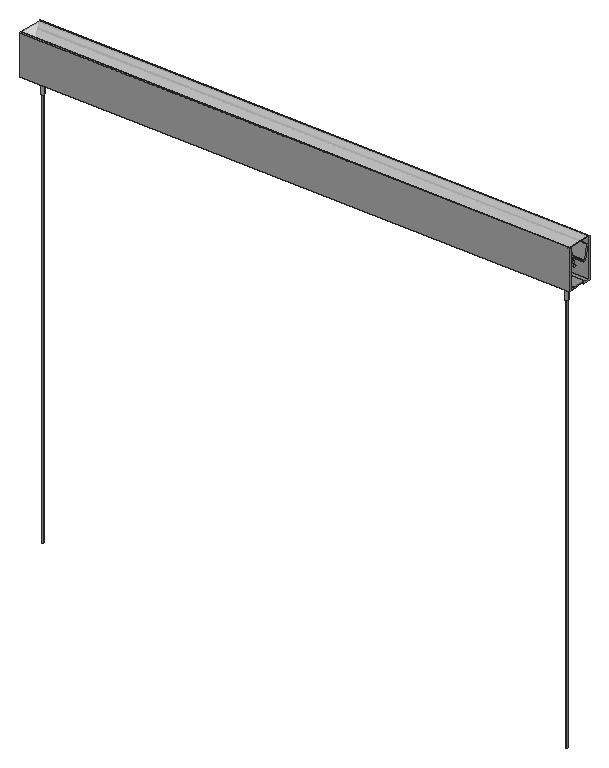
Revit family "2093089 Sylvania Lighting Fixture MC2 D I 1-2M 3K DALI WHT OPAL", category Lighting Fixtures, host Face, Revit 2016
Family settings
  Host = Face
  Part Type = Normal
  Round Connector Dimension = Use Diameter
  OmniClass Number = 23.80.70.11.17
  OmniClass Title = Specialized Lighting by Location or Use
  Cut with Voids When Loaded = No
  Light Source = Yes
  Shared = No
  Room Calculation Point = No
Parameters (values of type "2093089 MC2 D/I 1.2M 3K DALI WHT OPAL")
  Width_SYL = 54.0 mm
  Weight = "3.1 kg"
  Wattage = 32 W
  WarrantyStartDate [instance] = "n/a"
  WarrantyGuarantorParts = "n/a"
  WarrantyDurationUnit = "n/a"
  WarrantyDurationParts = "n/a"
  WarrantyDescription = "n/a"
  built-in parameter 1150110 = 1 (stored number, unit not read)
  Voltage = 0 V
  URL = "http://www.sylvania-lighting.com"
  TypeName = "MC2 D/I 1.2M 3K DALI WHT OPAL"
  built-in parameter 1114217 = 1 (stored number, unit not read)
  Tilt Angle = -90.00°
  built-in parameter 1150109 = 1 (stored number, unit not read)
  built-in parameter 1150134 = (empty or 0)
  built-in parameter 1150113 = 1 (stored number, unit not read)
  SerialNumber [instance] = "n/a"
  PowerFactor = 0.95
  PowerConsumption = "32 W"
  NominalWidth = 0.0 mm
  NominalLength = 1200.0 mm
  NominalHeight = 86.0 mm
  Name = "MC2 D/I 1.2M 3K DALI WHT OPAL"
  ModelReference = "MC2 D/I 1.2M 3K DALI WHT OPAL"
  ModelNumber = "2093089"
  Material_3_SYL = Metal_Sylvania_Mini Contiuum II_Silver
  Photometric Web File = "2093089.ies"
  Material_4_SYL = Metal_Sylvania_Mini Contiuum II_Silver
  MountingHeight_SYL [instance] = 1000.0 mm
  Material = "aluminium housing, polycarbonate diffuser"
  ManufacturerName = "Feilo Sylvania"
  LuminousEfficacy = "120 lm/W"
  LuminaireType = ""
  LightOutputRatio = "100"
  Length_SYL = 1200.0 mm
  LampsType = Lamp  # "LED"
  LampNominalLuminous = "3833 lm"
  LampMacAdamStep = "3"
  LampColourTemperature = "3000 K"
  LampColourRenderingIndex = "80"
  Keynote = "16500"
  InstallationDate [instance] = "n/a"
  InputVoltage = "n/a"
  InputNominalFrequency = "n/a"
  IngressProtection = "IP20"
  ImpactProtectionIndex = "n/a"
  IfcExportType = "IfcLightFixtureType"
  IfcExportAs = "IfcLightFixtureType"
  Height_SYL = 86.0 mm
  ExpectedLife = 50000
  EndCapRight_SYL [instance] = no
  EndCapLeft_SYL [instance] = no
  Emit from Rectangle Width = Width_SYL - 2.0 mm  # 52.0 mm
  Emit from Rectangle Length = Length_SYL  # 1200.0 mm
  Emit Shape Visible in Rendering = no
  ElectricShockClassification = "Class I"
  DurationUnit = "hours"
  DocumentationLiterature = "http://www.sylvania-lighting.com/product/en-int/products/2093089"
  DimmingControlOptions = "n/a"
  CreatedOn = "10/15/2018"
  CreatedBy = "@sylvania-lighting.com"
  built-in parameter 1114216 [instance] = 1 (stored number, unit not read)
  Model = "MC2 D/I 1.2M 3K DALI WHT OPAL"
  Manufacturer = "Feilo Sylvania"
  built-in parameter 1150105 = 305.58 (stored number, unit not read)
  Lumens = 3840 lm
  built-in parameter 1150115 = 1 (stored number, unit not read)
  built-in parameter 1150137 = (empty or 0)
  built-in parameter 1150139 = (empty or 0)
  built-in parameter 1150112 = 1 (stored number, unit not read)
  built-in parameter 1150114 = 1 (stored number, unit not read)
  Lamp = "LED"
  built-in parameter 1150132 = 2
  built-in parameter 1150102 = (empty or 0)
  built-in parameter 1150107 = 3000 (stored number, unit not read)
  built-in parameter 1150138 = (empty or 0)
  built-in parameter 1150106 = 3.0558 (stored number, unit not read)
  Material_1_SYL = Metal_Sylvania_Mini Continuum II_White
  built-in parameter 1150104 = 11.148 (stored number, unit not read)
  Dimming Lamp Color Temperature Shift = <None>
  Material_2_SYL = Polycarbonate_Sylvania_Mini Continuum II_Opal_4000K
  Description = "2093089   MC2 D/I 1.2M 3K DALI WHT OPAL  Continuous lines of LED light, white RAL 9016, direct/indirect distribution (65/35), various accessories available, compact and minimalist design based on the Golden Mean, ideal for offices, meeting rooms, corridors, education facilities, museums and libraries, extruded aluminium body, diffuser: opal, colour temperature: 3000K warm white, total system power: 32W, total fixture output: 3833lm, luminaire efficacy: 120lm/W, LOR: 100%, colour rendering: Ra >80, LED Chromacity: 1 step MacAdam ellipse, lifetime: 60,000 hours at 90% of the original output (L90), energy class: A++, A+, A, IR/UV free light source without heat radiation, operating voltage: 220-240V / 50-60Hz, drive current: (Direct) 800mA + (Indirect) 350mA, electronic driver, DALI dimmable, direct/indirect independently addressable, electrical protection: CLASS I, IP20, suitable for internal environment only."
  Default Elevation = 0.0 mm
  Color Filter = 16777215
  built-in parameter 1140040 [instance] = 1
  BarCode [instance] = "n/a"
  built-in parameter 1114218 = 1 (stored number, unit not read)
  built-in parameter 1150133 = 10 (stored number, unit not read)
  AssetType = "Fixed"
  AssetIdentifier [instance] = "n/a"
  Assembly Code = "D5020200"
  Apparent Load = 32 VA
Reference planes
  plane 1 "Center (Front/Back)": y = 0
  plane 2 "Bottom Fixtures": z = 0
  plane 3 "Center (Left/Right)": x = 0
  plane 4 "Fixture Left": x = -600
  plane 5 "Fixture Right": x = 600
  plane 6 "Fixture Bottom": z = 1000
  plane 7: z = 998
  plane 8: z = 996
  plane 9: z = 986.951
  plane 10: z = 956.951
  plane 11 "Fixture Top": z = 914
  plane 12 "Mounting Right": x = 572
  plane 13 "Mounting Left": x = -572
  plane 14: z = 879
  plane 15: y = 27
  plane 16: y = -27
  plane 17: y = -26
  plane 18: y = -25
  plane 19: y = 26
  plane 20: y = 25
  plane 21: y = 11
  plane 22: y = -11
  plane 23: y = 24
  plane 24: y = 22
  plane 25: y = -22
  plane 26: y = 15
  plane 27: y = -15
  plane 28 "Upper Diffuser Left": x = -450
  plane 29 "Upper Diffuser Right": x = 450
  plane 30: x = -602
  plane 31: x = 602
Forms (mm)
  Extrusion 1, solid, material "Metal_Sylvania_Mini Continuum II_White" <- "Material_1_SYL", detail levels fine
    sketch origin (0, 0, 520) x (0, 1, 0) y (0, 0, 1)
      loop
        line (27, 480) -> (26, 480) -> (26, 478) -> (25, 478) -> (25, 396) -> (13, 396) -> (13, 398) -> (-13, 398) -> (-13, 396) -> (-25, 396) -> (-25, 478) -> (-26, 478) -> (-26, 480) -> (-27, 480) -> (-27, 394) -> (-11, 394) -> (-11, 396) -> (11, 396) -> (11, 394) -> (27, 394) -> (27, 480)
    from -600 to 600
  Extrusion 2, solid, material "Polycarbonate_Sylvania_Mini Continuum II_Opal_4000K" <- "Material_2_SYL", detail levels fine
    sketch origin (0, 0, 520) x (0, 1, 0) y (0, 0, 1)
      loop
        line (-26, 480) -> (-26, 478) -> (26, 478) -> (26, 480) -> (-26, 480)
    from -600 to 600
  Extrusion 3, solid, material "Metal_Sylvania_Mini Contiuum II_Silver" <- "Material_3_SYL", detail levels fine
    sketch origin (0, 0, 520) x (0, 1, 0) y (0, 0, 1)
      loop
        line (22, 466.951) -> (20.973, 466.951) -> (14.206, 437.951) -> (11, 437.951) -> (11, 436.951) -> (15, 436.951) -> (22, 466.951)
      loop
        line (-15, 436.951) -> (-11, 436.951) -> (-11, 437.951) -> (-14.206, 437.951) -> (-20.973, 466.951) -> (-22, 466.951) -> (-15, 436.951)
    from -600 to 600
  Extrusion 4, solid, material "Metal_Sylvania_Mini Continuum II_White" <- "Material_1_SYL", detail levels coarse+medium
    sketch origin (0, 0, 520) x (0, 1, 0) y (0, 0, 1)
      loop
        line (-27, 480) -> (-27, 394) -> (27, 394) -> (27, 480) -> (-27, 480)
    from -600 to 600
  Extrusion 5, solid, material "Metal_Sylvania_Mini Contiuum II_Silver" <- "Material_4_SYL", detail levels fine
    sketch origin (0, 0, -86) x (-1, 0, 0) y (0, -1, 0)
      loop
        circle (572, 0) r 4
      loop
        circle (-572, 0) r 4
    from 965 to 1002
  Extrusion 6, solid, material "Metal_Sylvania_Mini Contiuum II_Silver" <- "Material_4_SYL", detail levels fine
    sketch origin (0, 0, -86) x (-1, 0, 0) y (0, -1, 0)
      loop
        circle (-572, 0) r 1
      loop
        circle (572, 0) r 1
    from 86 to 965
  Extrusion 7, solid, material "Polycarbonate_Sylvania_Mini Continuum II_Opal_4000K" <- "Material_2_SYL", detail levels fine
    sketch origin (0, 0, 0) x (0, 1, 0) y (0, 0, 1)
      loop
        arc (11, 916) -> (5.59, 914.504) -> (0, 914) r 31.25
        arc (0, 914) -> (-5.59, 914.504) -> (-11, 916) r 31.25
        line (-11, 916) -> (-11, 914.934)
        arc (-11, 914.934) -> (-5.584, 913.487) -> (0, 913) r 32.25
        arc (0, 913) -> (5.584, 913.487) -> (11, 914.934) r 32.25
        line (11, 914.934) -> (11, 916)
    from -450 to 450
  Extrusion 8, void
    sketch origin (0, 0, 0) x (0, 1, 0) y (0, 0, 1)
      loop
        line (11, 918) -> (-11, 918) -> (-11, 916) -> (11, 916) -> (11, 918)
    from -450 to 450
  Extrusion 9, solid, material "Metal_Sylvania_Mini Continuum II_White" <- "Material_1_SYL", visible <- "EndCapLeft_SYL"
    sketch origin (-600, 171.684, 1219.2) x (0, 1, 0) y (0, 0, 1)
      loop
        line (-198.684, -305.2) -> (-144.684, -305.2) -> (-144.684, -219.2) -> (-198.684, -219.2) -> (-198.684, -305.2)
    from 0 to -2
  Extrusion 10, solid, material "Metal_Sylvania_Mini Continuum II_White" <- "Material_1_SYL", visible <- "EndCapRight_SYL"
    sketch origin (600, 171.684, 1219.2) x (0, 1, 0) y (0, 0, -1)
      loop
        line (-144.684, 219.2) -> (-144.684, 305.2) -> (-198.684, 305.2) -> (-198.684, 219.2) -> (-144.684, 219.2)
    from 0 to -2
Cuts and joins
  Extrusion 8 cuts Extrusion 1
Lines and regions (mm)
  Masking region 1
    outline origin (0, 0, -86) x (-1, 0, 0) y (0, -1, 0)
      loop
        line (600, -27) -> (600, 27) -> (-600, 27) -> (-600, -27) -> (600, -27)
  symbolic lines, detail levels fine
    curve 1: line (-600, 26, -86) -> (600, 26, -86)
    curve 2: line (-600, -26, -86) -> (600, -26, -86)
  model lines, detail levels coarse+medium
    curve 3: line (-572, 0, 914) -> (-572, 0, 0)
    curve 4: line (572, 0, 914) -> (572, 0, 0)
Dimensions and locks
  host sketch curve to plane 3 "Center (Left/Right)" to host sketch curve = 820.0 mm, 775.047 mm
  equal spacing: plane 4 "Fixture Left", plane 3 "Center (Left/Right)", plane 5 "Fixture Right"
  "Length_SYL": plane 4 "Fixture Left" to plane 5 "Fixture Right"
  plane 6 "Fixture Bottom" to plane 7 to plane 8 to plane 9 to plane 10 = 2.0 mm locked, 2.0 mm locked, 9.049 mm locked, 30.0 mm locked
  locked: Extrusion 1 sketch curve to Extrusion 1 sketch curve at 2
  locked: Extrusion 1 sketch curve to plane 11 "Fixture Top" at 2
  "Height_SYL": plane 6 "Fixture Bottom" to plane 11 "Fixture Top"
  locked: plane 12 "Mounting Right" to plane 5 "Fixture Right" at 28
  locked: plane 4 "Fixture Left" to plane 13 "Mounting Left" at 28
  locked: plane 11 "Fixture Top" to plane 14 at 35
  "MountingHeight_SYL": plane 6 "Fixture Bottom" to plane 2 "Bottom Fixtures"
  equal spacing: plane 15, plane 1 "Center (Front/Back)", plane 16
  "Width_SYL": plane 15 to plane 16
  plane 22 to plane 27 to plane 25 to plane 18 to plane 17 to plane 16 = 4.0 mm locked, 7.0 mm locked, 3.0 mm locked, 1.0 mm locked, 1.0 mm locked
  plane 15 to plane 19 to plane 20 to plane 23 to plane 24 to plane 26 to plane 21 = 1.0 mm locked, 1.0 mm locked, 1.0 mm locked, 2.0 mm locked, 7.0 mm locked, 4.0 mm locked
  locked: plane 4 "Fixture Left" to plane 28 "Upper Diffuser Left" at 150
  locked: plane 29 "Upper Diffuser Right" to plane 5 "Fixture Right" at 150
  equal spacing: plane 30, plane 3 "Center (Left/Right)", plane 31
  locked: plane 30 to plane 4 "Fixture Left" at 2
  aligned and locked: plane 2 "Bottom Fixtures" to host face
  aligned and locked: level to host face
  aligned and locked: plane 5 "Fixture Right" to curve 1
  aligned and locked: plane 4 "Fixture Left" to curve 1
  aligned and locked: plane 4 "Fixture Left" to curve 2
  aligned and locked: plane 5 "Fixture Right" to curve 2
  aligned and locked: Extrusion 1 sketch curve to plane 7
  aligned and locked: plane 6 "Fixture Bottom" to Extrusion 1 sketch curve  (x2)
  aligned and locked: plane 7 to Extrusion 1 sketch curve
  aligned and locked: Extrusion 1 to Extrusion 2 sketch curve
  aligned and locked: Extrusion 2 sketch curve to Extrusion 1  (x3)
  aligned and locked: Extrusion 3 sketch curve to plane 10
  aligned and locked: plane 9 to Extrusion 3 sketch curve
  aligned and locked: Extrusion 3 sketch curve to plane 9
  aligned and locked: Extrusion 4 sketch curve to plane 6 "Fixture Bottom"
  aligned and locked: Extrusion 4 to plane 4 "Fixture Left"
  aligned and locked: Extrusion 2 to plane 4 "Fixture Left"
  aligned and locked: Extrusion 3 to plane 4 "Fixture Left"
  aligned and locked: Extrusion 1 to plane 4 "Fixture Left"
  aligned and locked: Extrusion 4 to plane 5 "Fixture Right"
  aligned and locked: Extrusion 2 to plane 5 "Fixture Right"
  aligned and locked: Extrusion 3 to plane 5 "Fixture Right"
  aligned and locked: Extrusion 1 to plane 5 "Fixture Right"
  aligned and locked: plane 11 "Fixture Top" to Extrusion 4 sketch curve
  aligned and locked: Extrusion 1 sketch curve to plane 11 "Fixture Top"  (x2)
  aligned and locked: Extrusion 1 sketch curve to Extrusion 1 sketch curve
  aligned and locked: plane 6 "Fixture Bottom" to imposter light
  aligned and locked: plane 11 "Fixture Top" to curve 3
  aligned and locked: plane 2 "Bottom Fixtures" to curve 3
  aligned and locked: plane 11 "Fixture Top" to curve 4
  aligned and locked: plane 2 "Bottom Fixtures" to curve 4
  aligned and locked: curve 4 to plane 12 "Mounting Right"
  aligned and locked: curve 3 to plane 13 "Mounting Left"
  aligned and locked: Extrusion 5 to Extrusion 1
  aligned and locked: Extrusion 5 to plane 14
  aligned and locked: plane 14 to Extrusion 6
  aligned and locked: Extrusion 6 to level
  aligned and locked: plane 11 "Fixture Top" to Extrusion 7 sketch curve
  aligned and locked: Extrusion 7 to plane 28 "Upper Diffuser Left"
  aligned and locked: Extrusion 7 to plane 29 "Upper Diffuser Right"
  aligned and locked: plane 21 to Extrusion 3 sketch curve
  aligned and locked: Extrusion 3 sketch curve to plane 22
  aligned and locked: Extrusion 8 sketch curve to plane 21
  aligned and locked: Extrusion 8 sketch curve to plane 22
  aligned and locked: Extrusion 8 sketch curve to Extrusion 1  (x2)
  aligned and locked: Extrusion 8 to Extrusion 7  (x2)
  aligned and locked: plane 21 to Extrusion 7 sketch curve
  aligned and locked: plane 1 "Center (Front/Back)" to Extrusion 7 sketch curve
  aligned and locked: plane 22 to Extrusion 7 sketch curve
  aligned and locked: Extrusion 9 sketch curve to Extrusion 4  (x4)
  aligned and locked: Extrusion 9 to plane 30
  aligned and locked: plane 4 "Fixture Left" to Extrusion 9
  aligned and locked: Extrusion 10 sketch curve to Extrusion 4  (x4)
  aligned and locked: plane 31 to Extrusion 10
  aligned and locked: plane 5 "Fixture Right" to Extrusion 10
Automatic sketch dimensions
  host sketch curve to host sketch curve = 1047.463 mm
  plane 19 to curve 1 = 0.0 mm
  curve 2 to plane 17 = 0.0 mm
  Masking region 1 sketch curve to plane 5 "Fixture Right" = 0.0 mm
  Masking region 1 sketch curve to plane 4 "Fixture Left" = 0.0 mm
  plane 15 to Masking region 1 sketch curve = 0.0 mm
  Masking region 1 sketch curve to plane 16 = 0.0 mm
  Extrusion 1 sketch curve to plane 16 = 0.0 mm
  Extrusion 1 sketch curve to plane 17 = 0.0 mm
  Extrusion 1 sketch curve to plane 18 = 0.0 mm
  Extrusion 1 sketch curve to plane 22 = 0.0 mm
  Extrusion 1 sketch curve to plane 21 = 0.0 mm
  Extrusion 1 sketch curve to plane 20 = 0.0 mm
  Extrusion 1 sketch curve to plane 19 = 0.0 mm
  Extrusion 1 sketch curve to plane 15 = 0.0 mm
  plane 11 "Fixture Top" to Extrusion 1 sketch curve = 2.0 mm
  Extrusion 1 sketch curve to plane 22 = 2.0 mm
  Extrusion 1 sketch curve to plane 21 = 2.0 mm
  Extrusion 3 sketch curve to plane 25 = 0.0 mm
  Extrusion 3 sketch curve to plane 27 = 0.0 mm
  Extrusion 3 sketch curve to plane 26 = 0.0 mm
  Extrusion 3 sketch curve to plane 24 = 0.0 mm
  plane 10 to Extrusion 3 sketch curve = 1.0 mm
  Extrusion 3 sketch curve to Extrusion 3 sketch curve = 1.027 mm
  plane 27 to Extrusion 3 sketch curve = 0.794 mm
  plane 26 to Extrusion 3 sketch curve = 0.794 mm
  plane 24 to Extrusion 3 sketch curve = 1.027 mm
  Extrusion 4 sketch curve to plane 16 = 0.0 mm
  Extrusion 4 sketch curve to plane 15 = 0.0 mm
  plane 1 "Center (Front/Back)" to Extrusion 5 sketch curve = 0.0 mm  (x2)
  Extrusion 5 sketch curve to plane 12 "Mounting Right" = 0.0 mm
  Extrusion 5 sketch curve to plane 13 "Mounting Left" = 0.0 mm
  plane 1 "Center (Front/Back)" to Extrusion 6 sketch curve = 0.0 mm  (x2)
  Extrusion 6 sketch curve to plane 12 "Mounting Right" = 0.0 mm
  Extrusion 6 sketch curve to plane 13 "Mounting Left" = 0.0 mm
  Extrusion 7 sketch curve to Extrusion 7 sketch curve = 0.0 mm  (x4)
  plane 11 "Fixture Top" to Extrusion 7 sketch curve = 0.934 mm
  Extrusion 3 sketch curve to Extrusion 3 sketch curve = 0.0 mm
  Extrusion 3 sketch curve to plane 10 = 0.0 mm
  plane 11 "Fixture Top" to Extrusion 7 sketch curve = 2.0 mm
  radius of Extrusion 5 sketch curve = 4.0 mm  (x2)
  radius of Extrusion 6 sketch curve = 1.0 mm  (x2)
Connectors
  electrical at (600, 0, 949), driven by "Apparent Load"
    settings: on Extrusion 1, index 1, voltage 230 V, apparent load 0 VA, apparent load phase1 32 VA, apparent load phase2 0 VA, apparent load phase3 0 VA, power factor 1, load classification "Lighting", number of poles 1, system type 31, power factor state 1, is connector primary yes, connector utility no, sub classification motor no, connector description ""
